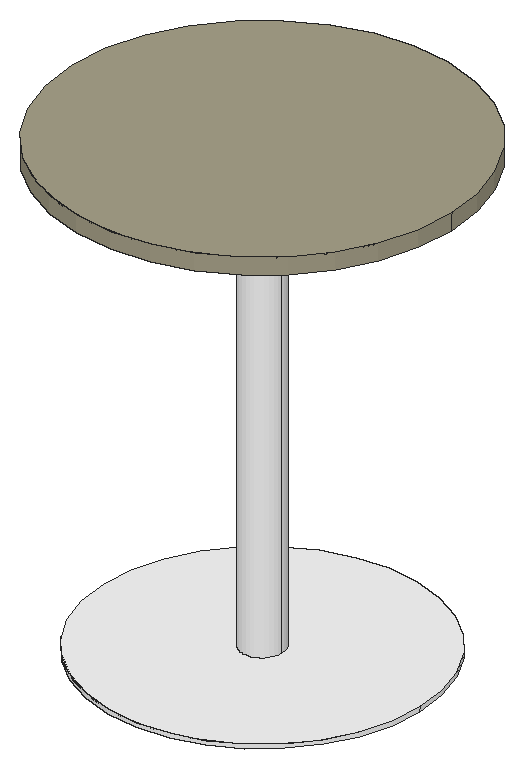
Revit family "Table-Casual-Teknion-ATCCB-Circular_Bistro-R2015", category Furniture, Revit 2015
Parameters (values of type "24" Diameter")
  Worksurface Finish [instance] = Flintwood - Teknion - FX - Flax
  Warranty = "http://www.teknion.com/ca/papers/legal-canada"
  Unit Weight URL = "http://www.teknion.com/ca/tools/assets#&asset=bee6a381-b954-425e-8283-5a2de3a804f2,f828d448-4b62-4231-9e5f-9a8991c0ed77"
  URL = "www.teknion.com"
  Sustainability Data = "http://www.teknion.com/ca/tools/assets#&topic=216f99a5-57a0-44fc-b10a-9dee9b29ae4c&asset=444deb64-fe58-4b68-981e-f75e97781df7"
  Series = "Tables & Collaborative Spaces"  # constant formula
  Radius = Diameter / 2  # 12.000"
  Product Page URL = "http://www.teknion.com/ca/products/product-details?productlineid=a687336e-8e7a-673b-a6c8-ff00004460c4"
  Product Line = "Tables & Collaborative Spaces"  # constant formula
  Product Documentation Link = "http://www.teknion.com/pricing/tables/pdfs/ATCCB_ppg.pdf"
  Part Number = "ATCCB"  # constant formula
  Model = "ATCCB24"
  Manufacturer Phone = "416-661-3370"  # constant formula
  Manufacturer Fax = "416.661.4586"  # constant formula
  Manufacturer Contact Information = "http://www.teknion.com/ca/contactus"
  Manufacturer Address = "1150 Flint Road, Toronto, ON. M3J 2J5. Canada"  # constant formula
  Manufacturer = "Teknion"  # constant formula
  Height = 29.000"
  Diameter = 24.000"
  Description = "Circular Bistro Table"  # constant formula
  Base Finish [instance] = Mica - Teknion - V - Satin - Very White
  Assembly Code = "E2020200"
Types (2): name | Worksurface Finish | Radius | Model | Diameter
  24" Diameter | Flintwood - Teknion - FX - Flax | 12.000" | "ATCCB24" | 24.000"
  30" Diameter | Source Laminate - Teknion - DA - Espresso | 15.000" | "ATCCB30" | 30.000"
Reference planes (in)
  plane 1 "Center Front/Back": y = 0
  plane 2: z = 0
  plane 3 "Center Left/Right": x = 0
  plane 4 "Left": x = -12
  plane 5 "Right": x = 12
  plane 6 "Back": y = 12
  plane 7 "Front": y = -12
  plane 8 "Top": z = 29
  plane 9: z = 0.25
  plane 10: z = 27.9
  plane 11: z = 28
Forms (in)
  Extrusion 1, solid, material "Mica - Teknion - V - Satin - Very White" <- "Base Finish"
    sketch origin (0, 0, 0) x (1, 0, 0) y (0, 1, 0)
      loop
        circle (0.001, -0.00069) r 9.99323
    from 0 to 0.25
  Extrusion 2, solid, material "Mica - Teknion - V - Satin - Very White" <- "Base Finish"
    sketch origin (0, 0, 0) x (1, 0, 0) y (0, 1, 0)
      loop
        circle (0, -0.00009) r 1.26493
    from 0.25 to 27.9
  Extrusion 3, solid, material "Mica - Teknion - V - Satin - Very White" <- "Base Finish"
    sketch origin (0, 0, 0) x (1, 0, 0) y (0, 1, 0)
      loop
        line (-5, 5) -> (-5, -5) -> (5, -5) -> (5, 5) -> (-5, 5)
    from 27.9 to 28
  Extrusion 4, solid, material "Flintwood - Teknion - FX - Flax" <- "Worksurface Finish"
    sketch origin (0, 0, 0) x (1, 0, 0) y (0, 1, 0)
      loop
        circle (0, -0.0011) r 12
    from 28 to 29
Lines and regions (in)
  Masking region 1
    outline origin (0, 0, 0) x (1, 0, 0) y (0, 1, 0)
      loop
        circle (0, -0.0011) r 12
  symbolic lines, style "FurnitureHiddenLines", detail levels fine
    curve 1: arc (9.99422, -0.00069, 0) -> (0.001, 9.99254, 0) -> (-9.99223, -0.00069, 0) r 9.99323
    curve 2: arc (-9.99223, -0.00069, 0) -> (0.001, -9.99392, 0) -> (9.99422, -0.00069, 0) r 9.99323
    curve 7: arc (1.26493, -0.00009, 0) -> (0, 1.26485, 0) -> (-1.26493, -0.00009, 0) r 1.26493
    curve 8: arc (-1.26493, -0.00009, 0) -> (0, -1.26502, 0) -> (1.26493, -0.00009, 0) r 1.26493
  symbolic lines, style "FurnitureHiddenLines", detail levels medium+fine
    curve 3: line (5, 5, 0) -> (-5, 5, 0)
    curve 4: line (-5, 5, 0) -> (-5, -5, 0)
    curve 5: line (-5, -5, 0) -> (5, -5, 0)
    curve 6: line (5, -5, 0) -> (5, 5, 0)
Dimensions and locks (in)
  "Diameter": plane 4 "Left" to plane 5 "Right"
  "Diameter": plane 6 "Back" to plane 7 "Front"
  "Height": plane 8 "Top" to level
  locked: plane 9 to plane 2 at 0.25
  locked: plane 3 "Center Left/Right" to Extrusion 2 sketch curve at 0
  locked: Extrusion 2 sketch curve to plane 1 "Center Front/Back" at 0.00009
  locked: plane 11 to plane 10 at 0.1
  locked: plane 8 "Top" to plane 11 at 1
  equal spacing: plane 6 "Back", plane 1 "Center Front/Back", plane 7 "Front"
  locked: Extrusion 1 sketch curve to plane 1 "Center Front/Back" at 0.00069
  Extrusion 3 sketch curve to plane 3 "Center Left/Right" to Extrusion 3 sketch curve = 5.000" locked, 5.000" locked
  Extrusion 3 sketch curve to plane 1 "Center Front/Back" to Extrusion 3 sketch curve = 5.000" locked, 5.000" locked
  equal spacing: plane 4 "Left", plane 3 "Center Left/Right", plane 5 "Right"
  locked: plane 3 "Center Left/Right" to Extrusion 1 sketch curve at 0.001
  locked: plane 3 "Center Left/Right" to Extrusion 4 sketch curve at 0
  locked: Extrusion 4 sketch curve to plane 1 "Center Front/Back" at 0.0011
  "Radius": radius of Extrusion 4 sketch curve
  aligned and locked: level to plane 2
  aligned and locked: Extrusion 1 to plane 9
  aligned and locked: Extrusion 1 to plane 2
  aligned and locked: plane 9 to Extrusion 2
  aligned and locked: Extrusion 2 to plane 10
  aligned and locked: Extrusion 3 to plane 11
  aligned and locked: plane 10 to Extrusion 3
  aligned and locked: plane 8 "Top" to Extrusion 4
  aligned and locked: plane 11 to Extrusion 4
  aligned and locked: Masking region 1 sketch curve to Extrusion 4  (x2)
  aligned and locked: curve 1 to Extrusion 1
  aligned and locked: curve 2 to Extrusion 1
  aligned and locked: curve 7 to Extrusion 2
  aligned and locked: curve 8 to Extrusion 2
  aligned and locked: curve 5 to Extrusion 3
Automatic sketch dimensions
  curve 4 to plane 3 "Center Left/Right" = 5.000"
  plane 3 "Center Left/Right" to curve 5 = 5.000"
  curve 3 to plane 1 "Center Front/Back" = 5.000"
  radius of Extrusion 1 sketch curve = 9.99323"
  radius of Extrusion 2 sketch curve = 1.26493"
